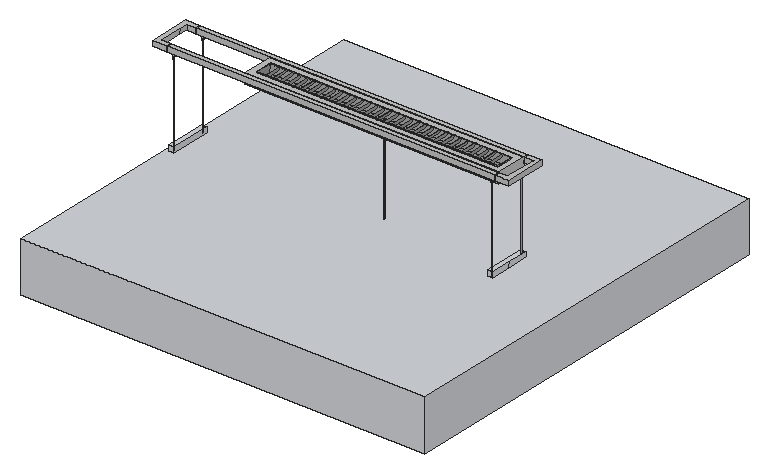
Revit family "en-halla-vari-louvre-suspendedrfa", category Осветительные приборы, Revit 2017
Family settings
  Основа = Грань
  Размер круглого соединителя = Использовать диаметр
  Тип детали = Нормальный
  Номер OmniClass = 23.80.70.11.11
  Заголовок OmniClass = General Luminaries, Non Directional
  При загрузке вырезать с полостями = Нет
  Источник света = Нет
  Общий = Нет
  Точка расчета площади = Нет
Parameters
  Light surface width = (Lighting width - 140 mm) / 2  # 55 mm
  4 wires [instance] = no
  Полная установленная мощность = Power input  # 84 VA
  Youtube clip = ""
  Weight Net (Kg) = "0"
  Max. suspension height = 2000 mm  # constant formula
  Suspension distance = 30 mm  # constant formula
  End cap distance from profile X [instance] = if(End cap distance from profile > 1980 mm - Lighting length, 1980 mm - Lighting length, End cap distance from profile)  # 0 mm
  End cap distance from profile [instance] = 0 mm
  End cap distance [instance] = (1980 mm - Lighting length) - End cap distance from profile X  # 445 mm
  Изготовитель = "HALLA"  # constant formula
  Default Elevation = 0 mm
  Voltage = ""
  Cable = VARI accessory - wire suspension, 2 parallel wires, suitable for power supply : 20-0013, S - silver
  Cable connection [instance] = no
  Uniclass 2.0 Description = "Luminaires And Lamps"
  Uniclass 2.0 Code = "PR-49"
  Uniclass 1.4 Description = "Luminaires and lamps"
  Uniclass 1.4 Code = "JY73"
  URL = "http://www.halla.cz"
  UNSPSC Code = "3911"
  Type of suspension [instance] = if([4 wires], Wires, if(Cable connection, Resistive, Cable))  # VARI accessory - wire suspension, 2 parallel wires, suitable for power supply : 20-0013, S - silver
  Type of ceiling cup [instance] = VARI accessory - ceiling cup, square : 30-0062, B - black
  Technical description = ""
  Switched on [instance] = yes
  Switched off [instance] = not(Switched on)  # no
  Suspension height [instance] = 500 mm
  Source used = ""
  Source type = ""
  Shape of luminaire = ""
  Region South America = "All"
  Region Oceania = "All"
  Region North America = "All"
  Region Middle East = "All"
  Region Europe = "All"
  Region Asia = "All"
  Region Antarctica = "All"
  Region Africa = "All"
  Real suspension height [instance] = if(Suspension height > Max. suspension height, Max. suspension height + 30 mm, Suspension height + 30 mm)  # 530 mm
  QR code = "http://file-system.ru/catalog/zdaniya_i_sooruzheniya/interer/osveshchenie/halla_rundo_square_svetilnik/"
  Accessory - right end cap [instance] = yes
  Accessory - left end cap [instance] = yes
  Protection class = ""
  Product group = "VARI"
  Product family = "Indoor Luminaires"
  Product data url = ""
  Product code = ""
  Product certification = ""
  Product URL = ""
  Product SKU = "vari_louvre"
  Price (EUR) = 0
  Louvre elements number = if(Lighting length = 1535 mm, 17, if(Lighting length = 1235 mm, 14, if(Lighting length = 935 mm, 10, 7)))  # 17
  Power input = 84 W
  Description = ""
  Optics type = ""
  Number of sources = 2
  Nominal width = "0.00"
  Nominal height = "60.00"
  Resistive = VARI accessory - wire suspension, 2 parallel wires, suitable for power supply : 20-0014, S - silver
  NBS Reference Description = "Luminaires And Lamps"
  NBS Reference Code = "49"
  Model = ""
  Material secondary = ""
  Material of luminaire = "Plech"
  Material main = "Sheet metal"
  Manufacturer name = "HALLA"
  Manufacturer country = "Czech Republic"
  Lighting width = 250 mm
  Lighting source distance [instance] = Real suspension height + Lighting height + 0.1 mm - 35 mm  # 555.1 mm
  Lighting length = 1535 mm
  Lighting height = 60 mm
  Lighting dimensions = ""
  Wires = VARI accessory - wire suspension 2000mm : 20-0012, N
  LED source = yes
  Installation instructions = ""
  Installation instruction = ""
  Initial intensity = ""
  Initial colour = ""
  IP Code = ""
  IFC Classification = "Light Fixture"
  Frequency = ""
  Energy class = ""
  Electric potential = 230 V  # constant formula
  Код по классификатору = "D5020230"
  Edition number = "1"
  EAN code = ""
  EAN = ""
  Lighting surface length = Lighting length - 80 mm  # 1455 mm
  2 wires [instance] = not([4 wires])  # yes
  Distribution = ""
  Designer = ""
  Design country = "Czech Republic"
  Depth = "250.00"
  Date of publishing = "2014-12-13"
  Data sheet = ""
  Control gear option = ""
  Colour of luminaire = Sheet metal - silver
  COBIe Type Category = ""
Reference planes
  plane 1 "Střed (vpředu/vzadu)": y = 0
  plane 2: z = 0
  plane 3 "Střed (vlevo/vpravo)": x = 0
  plane 4 "BP_Světlo spodní": z = 500
  plane 5 "BP_Světlo horní": z = 560
  plane 6: x = -767.5
  plane 7: x = 767.5
  plane 8 "BP_Zdroj světla": z = 530
  plane 9 "BP_Napojení horní": y = 93
  plane 10: y = -93
  plane 11: x = 727.5
  plane 12: x = -727.5
  plane 13: y = 125
  plane 14: y = -125
Forms (mm)
  Extrusion 1, solid
    sketch origin (0, 0, 0) x (1, 0, 0) y (0, 1, 0)
      loop
        line (-1219.2, 1219.2) -> (-1219.2, -1219.2) -> (1219.2, -1219.2) -> (1219.2, 1219.2) -> (-1219.2, 1219.2)
    from 0 to -304.8
  Extrusion 2, solid, material "Sheet metal - silver" <- "Colour of luminaire"
    sketch origin (0, 0, 500) x (-1, 0, 0) y (0, -1, 0)
      loop
        line (767.5, -93) -> (767.5, 93) -> (-767.5, 93) -> (-767.5, -93) -> (767.5, -93)
      loop
        line (727.5, 55) -> (-727.5, 55) -> (-727.5, -55) -> (727.5, -55) -> (727.5, 55)
    from 0 to 60
  Extrusion 3, solid, material "Sheet metal - silver" <- "Colour of luminaire"
    sketch origin (0, 0, 500) x (-1, 0, 0) y (0, -1, 0)
      loop
        line (727.5, -55) -> (727.5, 55) -> (-727.5, 55) -> (-727.5, -55) -> (727.5, -55)
    from 0 to 10
  Extrusion 4, solid, material "Chrome surface"
    sketch origin (-727.5, 269.087, 1219.2) x (0, 1, 0) y (0, 0, 1)
      loop
        line (-234.449, -701.493) -> (-269.087, -701.493) -> (-303.725, -701.493) -> (-318.288, -659.2) -> (-324.087, -659.2) -> (-324.087, -709.2) -> (-269.087, -709.2) -> (-214.087, -709.2) -> (-214.087, -659.2) -> (-219.887, -659.2) -> (-234.449, -701.493)
    from 0 to 1455 <- "Lighting surface length"
  Extrusion 5, solid, material "Chrome surface"
    sketch origin (0, 0, 500) x (-1, 0, 0) y (0, -1, 0)
      loop
        line (727.5, -55) -> (727.5, 55) -> (726.5, 55) -> (726.5, -55) -> (727.5, -55)
      loop
        line (-727.5, -55) -> (-726.5, -55) -> (-726.5, 55) -> (-727.5, 55) -> (-727.5, -55)
    from 10 to 60
Cuts and joins
  joined: Extrusion 2, Extrusion 3
  joined: Extrusion 4, Extrusion 5
Dimensions and locks
  equal spacing: plane 6, plane 3 "Střed (vlevo/vpravo)", plane 7
  "Lighting length": plane 6 to plane 7
  equal spacing: plane 9 "BP_Napojení horní", plane 1 "Střed (vpředu/vzadu)", plane 10
  equal spacing: plane 5 "BP_Světlo horní", plane 8 "BP_Zdroj světla", plane 4 "BP_Světlo spodní"
  "Suspension height": plane 4 "BP_Světlo spodní" to Extrusion 1
  "Lighting height": plane 5 "BP_Světlo horní" to plane 4 "BP_Světlo spodní"
  "End cap distance from profile X": plane 7 to nested 1
  "End cap distance from profile X": plane 7 to nested 2
  "End cap distance": nested 3 to plane 6
  "Suspension distance": nested 6 to nested 2
  "Suspension distance": nested 7 to nested 2
  "Suspension distance": nested 3 to nested 4
  "Suspension distance": nested 3 to nested 5
  "Suspension distance": nested 3 to nested 9
  "Suspension distance": nested 8 to nested 2
  plane 11 to plane 7 = 40 mm
  plane 6 to plane 12 = 40 mm
  equal spacing: group 1, group 2, group 3, group 4, group 5, group 6, group 7, group 15, group 16, group 17, group 18, group 19, group 20, group 21, group 22, group 23, group 24  (x3)
  equal spacing: group 34, group 33, group 32, group 31, group 30, group 29, group 28, group 27, group 26, group 25, group 14, group 13, group 12, group 11, group 10, group 9, group 8
  equal spacing: group 8, group 9, group 10, group 11, group 12, group 13, group 14, group 25, group 26, group 27, group 28, group 29, group 30, group 31, group 32, group 33, group 34  (x2)
  locked: plane 10 to plane 14 at 32
  locked: plane 13 to plane 9 "BP_Napojení horní" at 32
  equal spacing: plane 14, plane 1 "Střed (vpředu/vzadu)", plane 13
  "Lighting width": plane 13 to plane 14
  aligned and locked: plane 2 to Extrusion 1
  aligned and locked: level to Extrusion 1
  aligned and locked: plane 6 to Extrusion 2 sketch curve
  aligned and locked: Extrusion 2 sketch curve to plane 9 "BP_Napojení horní"
  aligned and locked: Extrusion 2 sketch curve to plane 10
  aligned and locked: plane 7 to Extrusion 2 sketch curve
  aligned and locked: Extrusion 3 sketch curve to Extrusion 2  (x4)
Automatic sketch dimensions
  Extrusion 1 sketch curve to Extrusion 1 sketch curve = 2438.4 mm  (x2)
  plane 6 to Extrusion 2 sketch curve = 40 mm
  plane 7 to Extrusion 2 sketch curve = 40 mm
  Extrusion 2 sketch curve to plane 9 "BP_Napojení horní" = 38 mm
  plane 10 to Extrusion 2 sketch curve = 38 mm
  Extrusion 4 sketch curve to plane 5 "BP_Světlo horní" = 0 mm  (x2)
  Extrusion 4 sketch curve to plane 1 "Střed (vpředu/vzadu)" = 0 mm  (x2)
  Extrusion 4 sketch curve to plane 8 "BP_Zdroj světla" = 12.293 mm
  plane 1 "Střed (vpředu/vzadu)" to Extrusion 4 sketch curve = 34.638 mm
  plane 10 to Extrusion 4 sketch curve = 43.799 mm
  Extrusion 4 sketch curve to Extrusion 4 sketch curve = 5.799 mm  (x2)
  Extrusion 4 sketch curve to Extrusion 4 sketch curve = 34.638 mm
  Extrusion 4 sketch curve to plane 9 "BP_Napojení horní" = 43.799 mm
  Extrusion 4 sketch curve to Extrusion 4 sketch curve = 7.707 mm
  Extrusion 5 sketch curve to plane 11 = 0 mm
  Extrusion 5 sketch curve to plane 12 = 0 mm
  plane 11 to Extrusion 5 sketch curve = 1 mm
  plane 12 to Extrusion 5 sketch curve = 1 mm
  Extrusion 5 sketch curve to plane 9 "BP_Napojení horní" = 38 mm  (x2)
  plane 10 to Extrusion 5 sketch curve = 38 mm  (x2)
Nested families
  nested 1: "VARI accessory - profile" at (-222.5, 0, 0), Výška zavěšení <- "Real suspension height", type "20-0008, S - silver"
    with Výška zavěšení 530 mm
  nested 2: "VARI accessory - end cap „U“" at (767.5, 0, 0), Výška zavěšení <- "Real suspension height", visible <- "Accessory - right end cap", type "20-0016, S - silver"
    with Výška zavěšení 530 mm
  nested 3: "VARI accessory - end cap „U“" at (-1212.5, 0, 0) x (-1, 0, 0) z (0, 0, 1), Výška zavěšení <- "Real suspension height", visible <- "Accessory - left end cap", type "20-0016, S - silver"
    with Výška zavěšení 530 mm
  nested 4: "VARI accessory - wire suspension, 2 parallel wires, suitable for power supply" at (-1182.5, 110, 0), Délka zavěšení <- "Real suspension height", type <- "Type of suspension", visible <- "4 wires", type "20-0013, S - silver", detail levels fine
    with Délka zavěšení 530 mm
  nested 5: "VARI accessory - wire suspension, 2 parallel wires, suitable for power supply" at (-1182.5, -110, 0), Délka zavěšení <- "Real suspension height", type <- "Type of suspension", visible <- "4 wires", type "20-0013, S - silver", detail levels fine
    with Délka zavěšení 530 mm
  nested 6: "VARI accessory - wire suspension, 2 parallel wires, suitable for power supply" at (737.5, 110, 0) x (-1, 0, 0) z (0, 0, 1), Délka zavěšení <- "Real suspension height", type <- "Type of suspension", visible <- "4 wires", type "20-0013, S - silver", detail levels fine
    with Délka zavěšení 530 mm
  nested 7: "VARI accessory - wire suspension, 2 parallel wires, suitable for power supply" at (737.5, -110, 0) x (-1, 0, 0) z (0, 0, 1), Délka zavěšení <- "Real suspension height", type <- "Type of suspension", visible <- "4 wires", type "20-0013, S - silver", detail levels fine
    with Délka zavěšení 530 mm
  nested 8: "VARI accessory - wire suspension, 2 parallel wires, suitable for power supply" at (737.5, 0, 0) x (-1, 0, 0) z (0, 0, 1), Délka zavěšení <- "Real suspension height", type <- "Type of suspension", visible <- "2 wires", type "20-0013, S - silver", detail levels fine
    with Délka zavěšení 530 mm
  nested 9: "VARI accessory - wire suspension, 2 parallel wires, suitable for power supply" at (-1182.5, 0, 0), Délka zavěšení <- "Real suspension height", type <- "Type of suspension", visible <- "2 wires", type "20-0013, S - silver", detail levels fine
    with Délka zavěšení 530 mm
  nested 10: "VARI - source" at (-0.79, 0, 555.1) x (0, -1, 0) z (0, 0, 1), built-in parameter 1001364 <- "Lighting source distance", type "VARI - source"
  nested 11: "VARI - louvre element" at (0, 0, 560), type "VARI - louvre element"
  nested 12: "VARI - louvre element" at (0, 0, 560), type "VARI - louvre element"
  nested 13: "VARI - louvre element" at (42, 0, 560), type "VARI - louvre element"
  nested 14: "VARI - louvre element" at (84, 0, 560), type "VARI - louvre element"
  nested 15: "VARI - louvre element" at (126, 0, 560), type "VARI - louvre element"
  nested 16: "VARI - louvre element" at (168, 0, 560), type "VARI - louvre element"
  nested 17: "VARI - louvre element" at (210, 0, 560), type "VARI - louvre element"
  nested 18: "VARI - louvre element" at (252, 0, 560), type "VARI - louvre element"
  nested 19: "VARI - louvre element" at (-42, 0, 560), type "VARI - louvre element"
  nested 20: "VARI - louvre element" at (-84, 0, 560), type "VARI - louvre element"
  nested 21: "VARI - louvre element" at (-126, 0, 560), type "VARI - louvre element"
  nested 22: "VARI - louvre element" at (-168, 0, 560), type "VARI - louvre element"
  nested 23: "VARI - louvre element" at (-210, 0, 560), type "VARI - louvre element"
  nested 24: "VARI - louvre element" at (-252, 0, 560), type "VARI - louvre element"
  nested 25: "VARI accessory - ceiling cup, square" at (0, 0, 0), visible <- "Cable connection", type <- "Type of ceiling cup", Výška zavěšení <- "Real suspension height", type "30-0062, B - black"
    with Výška zavěšení 530 mm, Typ vodiče HALLA accessory - cable : 30-0051, K
  nested 26: "HALLA accessory - cable" at (0, 0, 0), type "30-0051, K"
    with Výška zavěšení 530 mm
  nested 27: "VARI - louvre element" at (294, 0, 560), type "VARI - louvre element"
  nested 28: "VARI - louvre element" at (336, 0, 560), type "VARI - louvre element"
  nested 29: "VARI - louvre element" at (378, 0, 560), type "VARI - louvre element"
  nested 30: "VARI - louvre element" at (420, 0, 560), type "VARI - louvre element"
  nested 31: "VARI - louvre element" at (462, 0, 560), type "VARI - louvre element"
  nested 32: "VARI - louvre element" at (504, 0, 560), type "VARI - louvre element"
  nested 33: "VARI - louvre element" at (546, 0, 560), type "VARI - louvre element"
  nested 34: "VARI - louvre element" at (588, 0, 560), type "VARI - louvre element"
  nested 35: "VARI - louvre element" at (630, 0, 560), type "VARI - louvre element"
  nested 36: "VARI - louvre element" at (672, 0, 560), type "VARI - louvre element"
  nested 37: "VARI - louvre element" at (-294, 0, 560), type "VARI - louvre element"
  nested 38: "VARI - louvre element" at (-336, 0, 560), type "VARI - louvre element"
  nested 39: "VARI - louvre element" at (-378, 0, 560), type "VARI - louvre element"
  nested 40: "VARI - louvre element" at (-420, 0, 560), type "VARI - louvre element"
  nested 41: "VARI - louvre element" at (-462, 0, 560), type "VARI - louvre element"
  nested 42: "VARI - louvre element" at (-504, 0, 560), type "VARI - louvre element"
  nested 43: "VARI - louvre element" at (-546, 0, 560), type "VARI - louvre element"
  nested 44: "VARI - louvre element" at (-588, 0, 560), type "VARI - louvre element"
  nested 45: "VARI - louvre element" at (-630, 0, 560), type "VARI - louvre element"
  nested 46: "VARI - louvre element" at (-672, 0, 560), type "VARI - louvre element"
Connectors
  electrical at (0, 0, 0), driven by "Полная установленная мощность", driven by "Electric potential", driven by "Полная установленная мощность"
    settings: index 1, voltage 230 V, apparent load 84 VA, apparent load phase1 84 VA, apparent load phase2 0 VA, apparent load phase3 0 VA, power factor 1, load classification "Osvětlení", number of poles 1, system type 30, power factor state 0, is connector primary yes, connector utility no, sub classification motor no, connector description ""
Definition of nested family "VARI accessory - profile"
  Parameters
    Výška zavěšení [instance] = 300 mm
    Manufacturer = "HALLA"  # constant formula
    Default Elevation = 0 mm
    URL = "http://www.halla.cz"
    Description = ""
    Model = ""
    Assembly Code = "D5020200"
    Keynote = ""
    Barva svítidla = none
  Reference planes
    plane 1 "Střed (vpředu/vzadu)": y = 0
    plane 2: z = 0
    plane 3 "Střed (vlevo/vpravo)": x = 0
    plane 4: z = 300
    plane 5: x = -990
    plane 6: x = 990
    plane 7: y = 125
    plane 8: y = -125
    plane 9: z = 330
  Forms (mm)
    Revolve 1, solid, not visible
      sketch origin (0, 0, 0) x (0, 1, 0) y (0, 0, 1)
        loop
          line (-600, 19.35) -> (-600, 0) -> (-592.108, 0) -> (-592.108, 1.35) -> (-594.015, 1.35) -> (-594.015, 19.35) -> (-600, 19.35)
        axis (-600, 0) -> (-600, 19.35)
      angle from 0 to 360
    Revolve 2, solid, not visible
      sketch origin (0, 0, 0) x (0, 1, 0) y (0, 0, 1)
        loop
          line (-600, 600) -> (-600, 568.8) -> (-598, 568.8) -> (-598, 575.5) -> (-595.494, 575.5) -> (-595.494, 600) -> (-600, 600)
        axis (-600, 568.8) -> (-600, 600)
      angle from 0 to 360
    Extrusion 3, solid, not visible
      sketch origin (0, 0, 0) x (1, 0, 0) y (0, 1, 0)
        loop
          circle (0, -600) r 1.018
      from 0 to 600
    Extrusion 4, solid, material <- "Barva svítidla"
      sketch origin (-997.757, -1524, 300) x (-1, 0, 0) y (0, -1, 0)
        loop
          line (-7.757, -1649) -> (-7.757, -1619) -> (-1987.757, -1619) -> (-1987.757, -1649) -> (-7.757, -1649)
        loop
          line (-7.757, -1399) -> (-1987.757, -1399) -> (-1987.757, -1429) -> (-7.757, -1429) -> (-7.757, -1399)
      from 0 to 30
  Dimensions and locks
    "Výška zavěšení": plane 4 to level
    locked: plane 9 to plane 4 at 30
    aligned and locked: level to plane 2
  Automatic sketch dimensions
    Extrusion 4 sketch curve to plane 6 = 0 mm  (x2)
    Extrusion 4 sketch curve to plane 5 = 0 mm  (x2)
    Extrusion 4 sketch curve to plane 7 = 0 mm
    Extrusion 4 sketch curve to plane 8 = 0 mm
    Extrusion 4 sketch curve to Extrusion 4 sketch curve = 30 mm  (x2)
Definition of nested family "VARI accessory - end cap „U“"
  Parameters
    Výška zavěšení [instance] = 300 mm
    Manufacturer = "HALLA"  # constant formula
    Default Elevation = 0 mm
    URL = "http://www.halla.cz"
    Description = ""
    Model = ""
    Assembly Code = "D5020200"
    Keynote = ""
    Barva svítidla = none
  Reference planes
    plane 1 "Střed (vpředu/vzadu)": y = 0
    plane 2: z = 0
    plane 3 "Střed (vlevo/vpravo)": x = 0
    plane 4: z = 300
    plane 5: x = 85
    plane 6: y = 125
    plane 7: y = -125
    plane 8: z = 330
  Forms (mm)
    Revolve 1, solid, not visible
      sketch origin (0, 0, 0) x (0, 1, 0) y (0, 0, 1)
        loop
          line (-600, 19.35) -> (-600, 0) -> (-592.108, 0) -> (-592.108, 1.35) -> (-594.015, 1.35) -> (-594.015, 19.35) -> (-600, 19.35)
        axis (-600, 0) -> (-600, 19.35)
      angle from 0 to 360
    Revolve 2, solid, not visible
      sketch origin (0, 0, 0) x (0, 1, 0) y (0, 0, 1)
        loop
          line (-600, 600) -> (-600, 568.8) -> (-598, 568.8) -> (-598, 575.5) -> (-595.494, 575.5) -> (-595.494, 600) -> (-600, 600)
        axis (-600, 568.8) -> (-600, 600)
      angle from 0 to 360
    Extrusion 3, solid, not visible
      sketch origin (0, 0, 0) x (1, 0, 0) y (0, 1, 0)
        loop
          circle (0, -600) r 1.018
      from 0 to 600
    Extrusion 4, solid
      sketch origin (-997.757, -1524, 300) x (-1, 0, 0) y (0, -1, 0)
        loop
          line (-997.757, -1649) -> (-997.757, -1619) -> (-1052.757, -1619) -> (-1052.757, -1569) -> (-1052.757, -1429) -> (-997.757, -1429) -> (-997.757, -1399) -> (-1082.757, -1399) -> (-1082.757, -1649) -> (-997.757, -1649)
      from 0 to 30
  Dimensions and locks
    "Výška zavěšení": plane 4 to level
    locked: plane 8 to plane 4 at 30
    aligned and locked: level to plane 2
  Automatic sketch dimensions
    Extrusion 4 sketch curve to plane 5 = 0 mm
    Extrusion 4 sketch curve to plane 3 "Střed (vlevo/vpravo)" = 0 mm  (x2)
    Extrusion 4 sketch curve to plane 6 = 0 mm
    Extrusion 4 sketch curve to plane 7 = 0 mm
    Extrusion 4 sketch curve to plane 5 = 30 mm
    Extrusion 4 sketch curve to Extrusion 4 sketch curve = 30 mm
    plane 7 to Extrusion 4 sketch curve = 30 mm
    Extrusion 4 sketch curve to Extrusion 4 sketch curve = 50 mm
Definition of nested family "VARI accessory - wire suspension, 2 parallel wires, suitable for power supply"
  Parameters
    Manufacturer = "HALLA"  # constant formula
    Default Elevation = 0 mm
    URL = "http://www.halla.cz"
    Description = ""
    Model = ""
    Assembly Code = "D5020200"
    Keynote = ""
    Délka zavěšení [instance] = 500 mm
    Barva svítidla = none
  Reference planes
    plane 1 "Střed (vpředu/vzadu)": y = 0
    plane 2: z = 0
    plane 3 "Střed (vlevo/vpravo)": x = 0
    plane 4: z = 500
  Forms (mm)
    Revolve 1, solid, not visible
      sketch origin (0, 0, 0) x (0, 1, 0) y (0, 0, 1)
        loop
          line (-600, 19.35) -> (-600, 0) -> (-592.108, 0) -> (-592.108, 1.35) -> (-594.015, 1.35) -> (-594.015, 19.35) -> (-600, 19.35)
        axis (-600, 0) -> (-600, 19.35)
      angle from 0 to 360
    Revolve 2, solid, not visible
      sketch origin (0, 0, 0) x (0, 1, 0) y (0, 0, 1)
        loop
          line (-600, 600) -> (-600, 568.8) -> (-598, 568.8) -> (-598, 575.5) -> (-595.494, 575.5) -> (-595.494, 600) -> (-600, 600)
        axis (-600, 568.8) -> (-600, 600)
      angle from 0 to 360
    Extrusion 3, solid, not visible
      sketch origin (0, 0, 0) x (1, 0, 0) y (0, 1, 0)
        loop
          circle (0, -600) r 1.018
      from 0 to 500 <- "Délka zavěšení"
    Revolve 4, solid, material <- "Barva svítidla"
      sketch origin (-572.021, 110, 1200) x (-1, 0, 0) y (0, 0, 1)
        loop
          line (-572.021, -700) -> (-572.021, -731.2) -> (-570.021, -731.2) -> (-570.021, -724.5) -> (-567.515, -724.5) -> (-567.515, -700) -> (-572.021, -700)
        axis (-572.021, -731.2) -> (-572.021, -700)
      angle from 0 to 360
    Extrusion 5, solid
      sketch origin (-300, 110, 0) x (0, 1, 0) y (-1, 0, 0)
        loop
          circle (0, -300) r 1.018
      from 0 to 500 <- "Délka zavěšení"
    Revolve 6, solid, material <- "Barva svítidla"
      sketch origin (-572.021, -110, 1200) x (-1, 0, 0) y (0, 0, -1)
        loop
          line (-572.021, 700) -> (-567.515, 700) -> (-567.515, 724.5) -> (-570.021, 724.5) -> (-570.021, 731.2) -> (-572.021, 731.2) -> (-572.021, 700)
        axis (-572.021, 731.2) -> (-572.021, 700)
      angle from 0 to 360
    Extrusion 7, solid
      sketch origin (-300, -110, 0) x (0, -1, 0) y (1, 0, 0)
        loop
          circle (0, 300) r 1.018
      from 0 to 500 <- "Délka zavěšení"
    Extrusion 8, solid, material <- "Barva svítidla"
      sketch origin (0, 0, 0) x (0, 1, 0) y (-1, 0, 0)
        loop
          line (0, 15) -> (-125, 15) -> (-125, -15) -> (125, -15) -> (125, 15) -> (0, 15)
      from 0 to 30
  Dimensions and locks
    "Délka zavěšení": plane 4 to level
    aligned and locked: level to plane 2
  Automatic sketch dimensions
    Revolve 2 sketch curve to Revolve 2 sketch curve = 4.506 mm
    Revolve 2 sketch curve to Revolve 2 sketch curve = 6.7 mm
    Revolve 1 sketch curve to Revolve 1 sketch curve = 1.906 mm
    Revolve 1 sketch curve to Revolve 1 sketch curve = 18 mm
    Revolve 1 sketch curve to Revolve 1 sketch curve = 5.985 mm
    Revolve 1 sketch curve to Revolve 1 sketch curve = 1.35 mm
    Revolve 1 sketch curve to Revolve 1 sketch curve = 0 mm
    Revolve 1 sketch curve to Revolve 1 sketch curve = 304.8 mm
    Revolve 1 sketch curve to Revolve 1 sketch curve = 2419.05 mm
    Revolve 2 sketch curve to Revolve 2 sketch curve = 2.506 mm
    Revolve 2 sketch curve to Revolve 2 sketch curve = 24.5 mm
    Revolve 2 sketch curve to Revolve 2 sketch curve = 0 mm
    Revolve 2 sketch curve to Revolve 2 sketch curve = 873.6 mm
    Revolve 2 sketch curve to Revolve 2 sketch curve = 1838.4 mm
    Revolve 4 sketch curve to plane 3 "Střed (vlevo/vpravo)" = 0 mm  (x2)
    Revolve 4 sketch curve to plane 4 = 0 mm
    Revolve 4 sketch curve to plane 3 "Střed (vlevo/vpravo)" = 2 mm
    Revolve 4 sketch curve to Revolve 4 sketch curve = 4.506 mm
    Revolve 4 sketch curve to plane 4 = 24.5 mm
    Revolve 4 sketch curve to Revolve 4 sketch curve = 6.7 mm
    Revolve 4 sketch curve to level = 304.8 mm
    Revolve 4 sketch curve to Revolve 4 sketch curve = 1838.4 mm
    Extrusion 5 sketch curve to plane 3 "Střed (vlevo/vpravo)" = 0 mm
    Extrusion 5 sketch curve to plane 1 "Střed (vpředu/vzadu)" = 110 mm
    Revolve 6 sketch curve to plane 3 "Střed (vlevo/vpravo)" = 0 mm  (x2)
    Revolve 6 sketch curve to plane 4 = 0 mm
    Revolve 6 sketch curve to plane 3 "Střed (vlevo/vpravo)" = 2 mm
    Revolve 6 sketch curve to Revolve 6 sketch curve = 4.506 mm
    Revolve 6 sketch curve to plane 4 = 24.5 mm
    Revolve 6 sketch curve to Revolve 6 sketch curve = 6.7 mm
    Revolve 6 sketch curve to Revolve 6 sketch curve = 1838.4 mm
    Revolve 6 sketch curve to level = 304.8 mm
    Extrusion 7 sketch curve to plane 3 "Střed (vlevo/vpravo)" = 0 mm
    Extrusion 7 sketch curve to plane 1 "Střed (vpředu/vzadu)" = 110 mm
    plane 1 "Střed (vpředu/vzadu)" to Extrusion 8 sketch curve = 0 mm
    plane 3 "Střed (vlevo/vpravo)" to Extrusion 8 sketch curve = 15 mm
    plane 1 "Střed (vpředu/vzadu)" to Extrusion 8 sketch curve = 125 mm
    Extrusion 8 sketch curve to plane 3 "Střed (vlevo/vpravo)" = 15 mm
    Extrusion 8 sketch curve to Extrusion 8 sketch curve = 125 mm
    radius of Extrusion 3 sketch curve = 1.018 mm
    radius of Extrusion 5 sketch curve = 1.018 mm
    radius of Extrusion 7 sketch curve = 1.018 mm
Definition of nested family "VARI - louvre element"
  Parameters
    Default Elevation = 1219.2 mm
  Reference planes
    plane 1 "Střed (vpředu/vzadu)": y = 0
    plane 2: z = 0
    plane 3 "Střed (vlevo/vpravo)": x = 0
  Forms (mm)
    Extrusion 1, solid
      sketch origin (0, 0, 0) x (1, 0, 0) y (0, 1, 0)
        loop
          line (-1219.2, 1219.2) -> (-1219.2, -1219.2) -> (1219.2, -1219.2) -> (1219.2, 1219.2) -> (-1219.2, 1219.2)
      from 0 to -304.8
    Extrusion 2, solid
      sketch origin (0, 0, 0) x (1, 0, 0) y (0, 1, 0)
        loop
          line (0.81, 55) -> (-0.79, 55) -> (-0.79, -55) -> (0.81, -55) -> (0.81, 55)
      from -15 to 0
  Dimensions and locks
    aligned and locked: plane 2 to Extrusion 1
    aligned and locked: level to Extrusion 1
Definition of nested family "VARI accessory - ceiling cup, square"
  Parameters
    Výška zavěšení [instance] = 2000 mm
    Manufacturer = "HALLA"  # constant formula
    Default Elevation = 0 mm
    URL = "http://www.halla.cz"
    Typ vodiče [instance] = HALLA accessory - cable : 30-0051, K
    Description = ""  # constant formula
    Model = ""  # constant formula
    Assembly Code = "D5020200"
    Keynote = ""
    Barva svítidla = none
  Reference planes
    plane 1 "Střed (vpředu/vzadu)": y = 0
    plane 2: z = 0
    plane 3 "Střed (vlevo/vpravo)": x = 0
  Forms (mm)
    Extrusion 1, solid, material <- "Barva svítidla"
      sketch origin (0, 0, 0) x (1, 0, 0) y (0, 1, 0)
        loop
          line (0, 40) -> (-41.5, 40) -> (-41.5, -40) -> (41.5, -40) -> (41.5, 40) -> (0, 40)
      from 0 to 32
  Dimensions and locks
    aligned and locked: level to plane 2
  Nested families
    nested 1: "HALLA accessory - cable" at (0, 0, 0), Výška zavěšení <- "Výška zavěšení", type <- "Typ vodiče", type "30-0051, K"
      with Výška zavěšení 2000 mm
  Definition of nested family "HALLA accessory - cable"
    Parameters
      Výška zavěšení [instance] = 2000 mm
      Manufacturer = "HALLA"  # constant formula
      Default Elevation = 0 mm
      URL = "http://www.halla.cz"
      Rozměr svítidla = "2000 mm"
      Description = ""
      Model = ""
      Assembly Code = "D5020200"
      Keynote = ""
      Barva svítidla = none
    Reference planes
      plane 1 "Střed (vpředu/vzadu)": y = 0
      plane 2: z = 0
      plane 3 "Střed (vlevo/vpravo)": x = 0
    Forms (mm)
      Extrusion 1, solid, material <- "Barva svítidla"
        sketch origin (0, 0, 0) x (1, 0, 0) y (0, 1, 0)
          loop
            circle (0, 0) r 2.019
        from 0 to 2000 <- "Výška zavěšení"
    Dimensions and locks
      aligned and locked: level to plane 2
Definition of nested family "HALLA accessory - cable"
  Parameters
    Výška zavěšení [instance] = 2000 mm
    Manufacturer = "HALLA"  # constant formula
    Default Elevation = 0 mm
    URL = "http://www.halla.cz"
    Rozměr svítidla = "2000 mm"
    Description = ""
    Model = ""
    Assembly Code = "D5020200"
    Keynote = ""
    Barva svítidla = none
  Reference planes
    plane 1 "Střed (vpředu/vzadu)": y = 0
    plane 2: z = 0
    plane 3 "Střed (vlevo/vpravo)": x = 0
  Forms (mm)
    Extrusion 1, solid, material <- "Barva svítidla"
      sketch origin (0, 0, 0) x (1, 0, 0) y (0, 1, 0)
        loop
          circle (0, 0) r 2.019
      from 0 to 2000 <- "Výška zavěšení"
  Dimensions and locks
    aligned and locked: level to plane 2
Definition of nested family "VARI - source"
  Parameters
    built-in parameter 1150104 = 13.8 (stored number, unit not read)
    Tilt Angle = -90.00°  # constant formula
    built-in parameter 1150112 = 1 (stored number, unit not read)
    built-in parameter 1114218 = 1 (stored number, unit not read)
    built-in parameter 1150109 = 1 (stored number, unit not read)
    built-in parameter 1150110 = 1 (stored number, unit not read)
    built-in parameter 1150133 = 10 (stored number, unit not read)
    built-in parameter 1150134 = 3
    Lumens = 5000 lm
    Photometric Web File = "VARI 20-521A-2054E.ies"
    Wattage = 33.6605 W
    built-in parameter 1150107 = 3200 (stored number, unit not read)
    built-in parameter 1150102 = (empty or 0)
    built-in parameter 1150138 = (empty or 0)
    Dimming Lamp Color Temperature Shift = (empty or 0)
    built-in parameter 1150114 = 1 (stored number, unit not read)
    built-in parameter 1150115 = 1 (stored number, unit not read)
    built-in parameter 1150106 = 3.9789 (stored number, unit not read)
    built-in parameter 1150137 = (empty or 0)
    built-in parameter 1150132 = 2
    built-in parameter 1150105 = 397.89 (stored number, unit not read)
    built-in parameter 1150139 = (empty or 0)
    built-in parameter 1150113 = 1 (stored number, unit not read)
    Emit from Rectangle Width = 55 mm
    Emit from Rectangle Length = 1455 mm
    Emit Shape Visible in Rendering = yes
    built-in parameter 1114217 = 1 (stored number, unit not read)
    Color Filter = 16777215
  Reference planes
    plane 1 "Střed (vpředu/vzadu)": y = 0
    plane 2: z = 0
    plane 3 "Střed (vlevo/vpravo)": x = 0
  Dimensions and locks
    aligned and locked: level to plane 2
